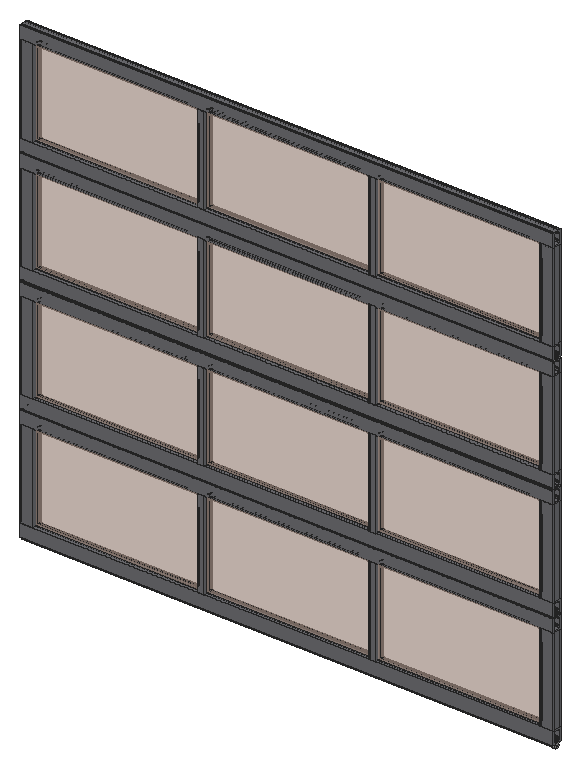
Revit family "GAS 12PUE CG", category Doors, host Wall, Revit 2024 (continued)
Forms (mm)
  Sweep 21, solid, material "ALUMINIUM CHAR (TEST)"
    profile origin (803.346, -68.525, 493) x (0, 0, -1) y (0, -1, 0)
      loop
        arc (-2.384, 57.368) -> (-2.167, 56.551) -> (-1.4, 56.192) r 1
        line (-1.4, 56.192) -> (-0.833, 56.892) -> (0, 56.892) -> (0, 54.893)
        arc (0, 54.893) -> (0.333, 54.559) -> (0.788, 54.681) r 0.471
        line (0.788, 54.681) -> (14.998, 68.891)
  Sweep 22, solid, material "ALUMINIUM CHAR (TEST)"
    path origin (-866.885, -68.525, 132.939) x (-1, 0, 0) y (0, 0, -1)
      loop
        line (323.108, -360.061) -> (323.108, 53.031) -> (-450.185, 53.031) -> (-450.185, -360.061) -> (323.108, -360.061)
    profile origin (-803.346, -68.525, 493) x (0, 0, 1) y (0, -1, 0)
      loop
        line (-14.998, 68.891) -> (-0.788, 54.681)
        arc (-0.788, 54.681) -> (-0.333, 54.559) -> (0, 54.893) r 0.471
        line (0, 54.893) -> (0, 56.892) -> (0.833, 56.892) -> (1.4, 56.192)
        arc (1.4, 56.192) -> (2.167, 56.551) -> (2.384, 57.368) r 1
        arc (2.384, 57.368) -> (2.295, 57.799) -> (1.9, 57.992) r 0.5
        line (1.9, 57.992) -> (-0.6, 57.992)
        arc (-0.6, 57.992) -> (-0.953, 57.846) -> (-1.1, 57.492) r 0.5
        line (-1.1, 57.492) -> (-1.1, 56.548) -> (-9.421, 64.869) -> (-6.899, 67.391) -> (-6.899, 68.791) -> (1.6, 68.791)
        arc (1.6, 68.791) -> (2.165, 69.025) -> (2.4, 69.591) r 0.8
        line (2.4, 69.591) -> (2.4, 72.391)
        arc (2.4, 72.391) -> (1.9, 72.891) -> (1.4, 72.391) r 0.5
        line (1.4, 72.391) -> (1.4, 69.891) -> (-8.299, 69.891)
        arc (-8.299, 69.891) -> (-8.699, 69.491) -> (-8.299, 69.091) r 0.4
        line (-8.299, 69.091) -> (-7.999, 67.847) -> (-10.199, 65.647) -> (-12.521, 67.969) -> (-11.399, 69.091)
        arc (-11.399, 69.091) -> (-10.902, 69.429) -> (-11.286, 69.891) r 0.406
        line (-11.286, 69.891) -> (-12.154, 69.891) -> (-12.991, 69.054) -> (-13.799, 69.054) -> (-13.799, 69.891) -> (-14.998, 69.891) -> (-14.998, 68.891)
  Sweep 23, solid, material "ALUMINIUM CHAR (TEST)"
    path origin (63.499, -68.525, 132.939) x (1, 0, 0) y (0, 0, 1)
      loop
        line (323.201, 360.061) -> (-450.199, 360.061) -> (-450.199, -52.939) -> (323.201, -52.939) -> (323.201, 360.061)
    profile origin (0, -68.525, 493) x (0, 0, -1) y (0, -1, 0)
      loop
        line (14.998, 68.891) -> (14.998, 69.891) -> (13.799, 69.891) -> (13.799, 69.054) -> (12.991, 69.054) -> (12.154, 69.891) -> (11.286, 69.891)
        arc (11.286, 69.891) -> (10.902, 69.429) -> (11.399, 69.091) r 0.406
        line (11.399, 69.091) -> (12.521, 67.969) -> (10.199, 65.647) -> (7.999, 67.847) -> (8.299, 69.091)
        arc (8.299, 69.091) -> (8.699, 69.491) -> (8.299, 69.891) r 0.4
        line (8.299, 69.891) -> (-1.4, 69.891) -> (-1.4, 72.391)
        arc (-1.4, 72.391) -> (-1.9, 72.891) -> (-2.4, 72.391) r 0.5
        line (-2.4, 72.391) -> (-2.4, 69.591)
        arc (-2.4, 69.591) -> (-2.165, 69.025) -> (-1.6, 68.791) r 0.8
        line (-1.6, 68.791) -> (6.899, 68.791) -> (6.899, 67.391) -> (9.421, 64.869) -> (1.1, 56.548) -> (1.1, 57.492)
        arc (1.1, 57.492) -> (0.953, 57.846) -> (0.6, 57.992) r 0.5
        line (0.6, 57.992) -> (-1.9, 57.992)
        arc (-1.9, 57.992) -> (-2.295, 57.799) -> (-2.384, 57.368) r 0.5
        arc (-2.384, 57.368) -> (-2.167, 56.551) -> (-1.4, 56.192) r 1
        line (-1.4, 56.192) -> (-0.833, 56.892) -> (0, 56.892) -> (0, 54.893)
        arc (0, 54.893) -> (0.333, 54.559) -> (0.788, 54.681) r 0.471
        line (0.788, 54.681) -> (14.998, 68.891)
  Extrusion 24, solid, material "FROSTED BRONZE GLASS"
    sketch origin (-335.5, -147.287, -431.546) x (0, 1, 0) y (0, 0, -1)
      loop
        line (8.871, -2002.546) -> (8.871, -1589.546) -> (2.871, -1589.546) -> (2.871, -2002.546) -> (8.871, -2002.546)
    from 81.2 to 854.5
  Extrusion 25, solid, material "FROSTED BRONZE GLASS"
    sketch origin (335.5, -147.287, -431.546) x (0, 1, 0) y (0, 0, 1)
      loop
        line (8.871, 2002.546) -> (2.871, 2002.546) -> (2.871, 1589.546) -> (8.871, 1589.546) -> (8.871, 2002.546)
    from 81.2 to 854.5
  Extrusion 26, solid, material "FROSTED BRONZE GLASS"
    sketch origin (-467.893, -147.287, -431.546) x (0, 1, 0) y (0, 0, 1)
      loop
        line (8.871, 2002.546) -> (2.871, 2002.546) -> (2.871, 1589.546) -> (8.871, 1589.546) -> (8.871, 2002.546)
    from 81.2 to 854.5
  Extrusion 27, solid, material "FROSTED BRONZE GLASS"
    sketch origin (-335.5, -147.287, -970.546) x (0, 1, 0) y (0, 0, -1)
      loop
        line (8.871, -2002.546) -> (8.871, -1589.546) -> (2.871, -1589.546) -> (2.871, -2002.546) -> (8.871, -2002.546)
    from 81.2 to 854.5
  Extrusion 28, solid, material "FROSTED BRONZE GLASS"
    sketch origin (335.5, -147.287, -970.546) x (0, 1, 0) y (0, 0, 1)
      loop
        line (8.871, 2002.546) -> (2.871, 2002.546) -> (2.871, 1589.546) -> (8.871, 1589.546) -> (8.871, 2002.546)
    from 81.2 to 854.5
  Extrusion 29, solid, material "FROSTED BRONZE GLASS"
    sketch origin (-467.893, -147.287, -970.546) x (0, 1, 0) y (0, 0, 1)
      loop
        line (8.871, 2002.546) -> (2.871, 2002.546) -> (2.871, 1589.546) -> (8.871, 1589.546) -> (8.871, 2002.546)
    from 81.2 to 854.5
  Extrusion 30, solid, material "FROSTED BRONZE GLASS"
    sketch origin (-335.5, -147.287, -1509.546) x (0, 1, 0) y (0, 0, -1)
      loop
        line (8.871, -2002.546) -> (8.871, -1589.546) -> (2.871, -1589.546) -> (2.871, -2002.546) -> (8.871, -2002.546)
    from 81.2 to 854.5
  Extrusion 31, solid, material "FROSTED BRONZE GLASS"
    sketch origin (335.5, -147.287, -1509.546) x (0, 1, 0) y (0, 0, 1)
      loop
        line (8.871, 2002.546) -> (2.871, 2002.546) -> (2.871, 1589.546) -> (8.871, 1589.546) -> (8.871, 2002.546)
    from 81.2 to 854.5
  Extrusion 32, solid, material "FROSTED BRONZE GLASS"
    sketch origin (-467.893, -147.287, -1509.546) x (0, 1, 0) y (0, 0, 1)
      loop
        line (8.871, 2002.546) -> (2.871, 2002.546) -> (2.871, 1589.546) -> (8.871, 1589.546) -> (8.871, 2002.546)
    from 81.2 to 854.5
Lines and regions (mm)
  Opening 1
    outline origin (-5000, 75, 0) x (-1, 0, 0) y (0, 0, 1)
      loop
        line (-3780, 0) -> (-3780, 2135) -> (-6220, 2135) -> (-6220, 0) -> (-3780, 0)
  symbolic lines, style "Elevation Swing"
    curve 1: line (-1250, -105, 1694) -> (-1250, -2275, 1694)
    curve 2: line (-1250, -2275, 1694) -> (1250, -2275, 1694)
    curve 3: line (1250, -2275, 1694) -> (1250, -105, 1694)
Text (mm)
  text "Exterior" at (-2295.016, 1099.543, 0), in view "Ref. Level"
  text "Exterior" at (0, 1615.38, 3698.081), in view "Left"
  text "Exterior" at (0, 1036.032, 3874.932), in view "Right"
Dimensions and locks
  equal spacing: plane 3 "Left", plane 2 "Center (Left/Right)", plane 4 "Right"
  "Width": plane 3 "Left" to plane 4 "Right"
  "Height": plane 5 to host wall
  locked: plane 6 "Exterior" to host wall
  locked: plane 7 "Interior" to host wall
  "Wall Opening": plane 3 "Left" to plane 4 "Right"
  plane 10 "Garage Right" to plane 9 "Garage Left" = 2500 mm
  level to plane 11 "Garage Top" = 2170 mm
  plane 11 "Garage Top" to level = 2170 mm
  aligned and locked: host wall to plane 1
  aligned and locked: Opening 1 sketch curve to level
Automatic sketch dimensions
  curve 1 to plane 10 "Garage Right" = 0 mm
  curve 3 to plane 9 "Garage Left" = 0 mm
  curve 1 to plane 12 = 2160 mm
  plane 12 to curve 3 = 10 mm
  plane 12 to curve 1 = 10 mm
  plane 4 "Right" to Opening 1 sketch curve = 0 mm
  plane 3 "Left" to Opening 1 sketch curve = 0 mm
  Opening 1 sketch curve to plane 5 = 0 mm
  plane 11 "Garage Top" to Extrusion 1 sketch curve = 0 mm  (x3)
  Extrusion 1 sketch curve to plane 12 = 0.1 mm  (x2)
  Extrusion 1 sketch curve to plane 12 = 1.85 mm  (x6)
  Extrusion 1 sketch curve to Extrusion 1 sketch curve = 0.05 mm  (x2)
  Extrusion 1 sketch curve to Extrusion 1 sketch curve = 0.55 mm  (x10)
  Extrusion 1 sketch curve to Extrusion 1 sketch curve = 2.1 mm  (x4)
  Extrusion 1 sketch curve to Extrusion 1 sketch curve = 4.95 mm  (x2)
  plane 11 "Garage Top" to Extrusion 1 sketch curve = 1.8 mm  (x4)
  Extrusion 1 sketch curve to Extrusion 1 sketch curve = 4 mm  (x4)
  Extrusion 1 sketch curve to Extrusion 1 sketch curve = 1.8 mm  (x15)
  Extrusion 1 sketch curve to Extrusion 1 sketch curve = 2 mm  (x9)
  Extrusion 1 sketch curve to Extrusion 1 sketch curve = 1.5 mm  (x2)
  Extrusion 1 sketch curve to Extrusion 1 sketch curve = 14 mm  (x2)
  Extrusion 1 sketch curve to Extrusion 1 sketch curve = 2.75 mm  (x2)
  Extrusion 1 sketch curve to Extrusion 1 sketch curve = 20.6 mm  (x2)
  Extrusion 1 sketch curve to Extrusion 1 sketch curve = 1.6 mm  (x6)
  plane 11 "Garage Top" to Extrusion 1 sketch curve = 13.5 mm
  plane 5 to Extrusion 1 sketch curve = 11.7 mm
  Extrusion 1 sketch curve to Extrusion 1 sketch curve = 13.15 mm  (x2)
  plane 11 "Garage Top" to Extrusion 1 sketch curve = 12.547 mm
  plane 11 "Garage Top" to Extrusion 1 sketch curve = 17.453 mm
  Extrusion 1 sketch curve to Extrusion 1 sketch curve = 1.75 mm  (x2)
  Extrusion 1 sketch curve to Extrusion 1 sketch curve = 0 mm  (x4)
  Extrusion 1 sketch curve to Extrusion 1 sketch curve = 7.147 mm  (x3)
  Extrusion 1 sketch curve to Extrusion 1 sketch curve = 0.953 mm  (x15)
  Extrusion 1 sketch curve to Extrusion 1 sketch curve = 3 mm  (x6)
  Extrusion 1 sketch curve to Extrusion 1 sketch curve = 3.953 mm
  plane 5 to Extrusion 1 sketch curve = 7.747 mm
  Extrusion 1 sketch curve to Extrusion 1 sketch curve = 7.947 mm  (x2)
  Extrusion 1 sketch curve to Extrusion 1 sketch curve = 0.8 mm
  Extrusion 1 sketch curve to Extrusion 1 sketch curve = 2.6 mm
  Extrusion 1 sketch curve to Extrusion 1 sketch curve = 1.205 mm
  Extrusion 1 sketch curve to Extrusion 1 sketch curve = 1.293 mm  (x2)
  Extrusion 1 sketch curve to Extrusion 1 sketch curve = 0.241 mm  (x2)
  Extrusion 1 sketch curve to Extrusion 1 sketch curve = 0.402 mm  (x2)
  Extrusion 1 sketch curve to Extrusion 1 sketch curve = 0.993 mm  (x2)
  level to Extrusion 1 sketch curve = 79.909 mm
  Extrusion 1 sketch curve to Extrusion 1 sketch curve = 1.066 mm
  Extrusion 1 sketch curve to Extrusion 1 sketch curve = 0.405 mm
  Extrusion 1 sketch curve to Extrusion 1 sketch curve = 10.547 mm
  Extrusion 1 sketch curve to Extrusion 1 sketch curve = 25.295 mm  (x2)
  Extrusion 2 sketch curve to plane 12 = 0.1 mm  (x6)
  Extrusion 2 sketch curve to plane 12 = 1.85 mm  (x18)
  Extrusion 2 sketch curve to Extrusion 2 sketch curve = 0.05 mm  (x7)
  Extrusion 2 sketch curve to plane 12 = 1.9 mm  (x3)
  Extrusion 2 sketch curve to Extrusion 2 sketch curve = 0.55 mm  (x26)
  Extrusion 2 sketch curve to Extrusion 2 sketch curve = 2.1 mm  (x12)
  Extrusion 2 sketch curve to Extrusion 2 sketch curve = 4.95 mm  (x6)
  Extrusion 2 sketch curve to Extrusion 2 sketch curve = 4 mm  (x12)
  Extrusion 2 sketch curve to Extrusion 2 sketch curve = 1.8 mm  (x58)
  Extrusion 2 sketch curve to Extrusion 2 sketch curve = 2 mm  (x29)
  Extrusion 2 sketch curve to Extrusion 2 sketch curve = 1.5 mm  (x6)
  Extrusion 2 sketch curve to Extrusion 2 sketch curve = 14 mm  (x6)
  Extrusion 2 sketch curve to Extrusion 2 sketch curve = 2.75 mm  (x6)
  Extrusion 2 sketch curve to Extrusion 2 sketch curve = 20.6 mm  (x3)
  Extrusion 2 sketch curve to Extrusion 2 sketch curve = 0 mm  (x19)
  Extrusion 2 sketch curve to Extrusion 2 sketch curve = 13.15 mm  (x6)
  Extrusion 2 sketch curve to Extrusion 2 sketch curve = 9.4 mm  (x3)
  Extrusion 2 sketch curve to Extrusion 2 sketch curve = 1.6 mm  (x15)
  Extrusion 2 sketch curve to Extrusion 2 sketch curve = 1.75 mm
  plane 5 to Extrusion 2 sketch curve = 438 mm
  Extrusion 2 sketch curve to Extrusion 2 sketch curve = 0.993 mm  (x6)
  Extrusion 2 sketch curve to Extrusion 2 sketch curve = 1.066 mm  (x4)
  Extrusion 2 sketch curve to Extrusion 2 sketch curve = 0.241 mm  (x6)
  Extrusion 2 sketch curve to Extrusion 2 sketch curve = 0.402 mm  (x6)
  Extrusion 2 sketch curve to Extrusion 2 sketch curve = 0.493 mm  (x3)
  Extrusion 2 sketch curve to Extrusion 2 sketch curve = 1.205 mm  (x4)
  Extrusion 2 sketch curve to Extrusion 2 sketch curve = 7.947 mm  (x6)
  Extrusion 2 sketch curve to Extrusion 2 sketch curve = 10.547 mm  (x6)
  Extrusion 2 sketch curve to Extrusion 2 sketch curve = 0.953 mm  (x48)
  Extrusion 2 sketch curve to Extrusion 2 sketch curve = 3 mm  (x24)
  Extrusion 2 sketch curve to Extrusion 2 sketch curve = 25.295 mm  (x12)
  Extrusion 2 sketch curve to Extrusion 2 sketch curve = 7.147 mm  (x12)
  Extrusion 2 sketch curve to Extrusion 2 sketch curve = 6 mm  (x6)
  Extrusion 2 sketch curve to Extrusion 2 sketch curve = 0.8 mm  (x3)
  Extrusion 2 sketch curve to Extrusion 2 sketch curve = 1.293 mm  (x5)
  Extrusion 2 sketch curve to Extrusion 2 sketch curve = 413 mm  (x2)
  Extrusion 3 sketch curve to level = 0 mm
  Extrusion 3 sketch curve to plane 12 = 32.1 mm
  Extrusion 3 sketch curve to Extrusion 3 sketch curve = 5 mm  (x2)
  Extrusion 3 sketch curve to Extrusion 3 sketch curve = 2 mm  (x2)
  level to Extrusion 3 sketch curve = 2.881 mm
  Extrusion 3 sketch curve to Extrusion 3 sketch curve = 3 mm  (x2)
  Extrusion 3 sketch curve to Extrusion 3 sketch curve = 6 mm
  Extrusion 3 sketch curve to Extrusion 3 sketch curve = 11.123 mm
  Extrusion 3 sketch curve to Extrusion 3 sketch curve = 0 mm  (x4)
  Extrusion 3 sketch curve to Extrusion 3 sketch curve = 0.629 mm
  Extrusion 3 sketch curve to Extrusion 3 sketch curve = 2.276 mm
  Extrusion 3 sketch curve to Extrusion 3 sketch curve = 2.905 mm
  Extrusion 3 sketch curve to Extrusion 3 sketch curve = 1.368 mm
  Extrusion 3 sketch curve to Extrusion 3 sketch curve = 4.624 mm
  Extrusion 4 sketch curve to plane 12 = 41.25 mm  (x3)
  Extrusion 4 sketch curve to Extrusion 4 sketch curve = 0 mm  (x27)
  Extrusion 4 sketch curve to Extrusion 4 sketch curve = 2.5 mm  (x24)
  Extrusion 4 sketch curve to Extrusion 4 sketch curve = 1 mm  (x24)
  Extrusion 4 sketch curve to plane 12 = 8.95 mm  (x6)
  level to Extrusion 4 sketch curve = 549.846 mm
  Extrusion 4 sketch curve to Extrusion 4 sketch curve = 2.027 mm  (x15)
  Extrusion 4 sketch curve to Extrusion 4 sketch curve = 6.253 mm  (x6)
  Extrusion 4 sketch curve to Extrusion 4 sketch curve = 526.693 mm
  plane 5 to Extrusion 4 sketch curve = 507.154 mm
  Extrusion 4 sketch curve to Extrusion 4 sketch curve = 2.489 mm  (x12)
  Extrusion 4 sketch curve to Extrusion 4 sketch curve = 1.503 mm  (x12)
  Extrusion 5 sketch curve to plane 10 "Garage Right" = 0 mm  (x3)
  Extrusion 5 sketch curve to plane 9 "Garage Left" = 0 mm  (x3)
  plane 10 "Garage Right" to Extrusion 5 sketch curve = 1.8 mm  (x4)
  Extrusion 5 sketch curve to Extrusion 5 sketch curve = 0 mm  (x5)
  Extrusion 5 sketch curve to Extrusion 5 sketch curve = 2 mm  (x6)
  Extrusion 5 sketch curve to Extrusion 5 sketch curve = 1.6 mm  (x4)
  Extrusion 5 sketch curve to plane 12 = 1.85 mm  (x8)
  Extrusion 5 sketch curve to Extrusion 5 sketch curve = 7.147 mm  (x2)
  Extrusion 5 sketch curve to plane 12 = 2.4 mm  (x2)
  Extrusion 5 sketch curve to Extrusion 5 sketch curve = 0.953 mm  (x16)
  Extrusion 5 sketch curve to Extrusion 5 sketch curve = 3 mm  (x8)
  Extrusion 5 sketch curve to plane 3 "Left" = 12.747 mm  (x2)
  Extrusion 5 sketch curve to Extrusion 5 sketch curve = 7.947 mm  (x2)
  Extrusion 5 sketch curve to Extrusion 5 sketch curve = 1.8 mm  (x30)
  Extrusion 5 sketch curve to Extrusion 5 sketch curve = 10.547 mm  (x2)
  Extrusion 5 sketch curve to Extrusion 5 sketch curve = 0.8 mm  (x2)
  Extrusion 5 sketch curve to plane 12 = 8.6 mm  (x6)
  Extrusion 5 sketch curve to Extrusion 5 sketch curve = 1.205 mm  (x4)
  Extrusion 5 sketch curve to Extrusion 5 sketch curve = 1.293 mm  (x5)
  Extrusion 5 sketch curve to Extrusion 5 sketch curve = 0.241 mm  (x6)
  Extrusion 5 sketch curve to Extrusion 5 sketch curve = 0.402 mm  (x6)
  Extrusion 5 sketch curve to Extrusion 5 sketch curve = 0.993 mm  (x5)
  Extrusion 5 sketch curve to plane 12 = 24.1 mm  (x2)
  Extrusion 5 sketch curve to plane 2 "Center (Left/Right)" = 416.7 mm
  Extrusion 5 sketch curve to Extrusion 5 sketch curve = 1.066 mm  (x4)
  Extrusion 5 sketch curve to Extrusion 5 sketch curve = 21.2 mm  (x2)
  Extrusion 5 sketch curve to Extrusion 5 sketch curve = 2.6 mm  (x3)
  Extrusion 5 sketch curve to plane 12 = 10.1 mm  (x2)
  plane 2 "Center (Left/Right)" to Extrusion 5 sketch curve = 386.7 mm
  Extrusion 5 sketch curve to Extrusion 5 sketch curve = 0.493 mm
  Extrusion 5 sketch curve to plane 12 = 26.85 mm
  Extrusion 5 sketch curve to plane 12 = 0.1 mm  (x4)
  plane 4 "Right" to Extrusion 5 sketch curve = 30 mm
  Extrusion 5 sketch curve to plane 4 "Right" = 12.547 mm  (x2)
  plane 9 "Garage Left" to Extrusion 5 sketch curve = 5.4 mm  (x2)
  plane 9 "Garage Left" to Extrusion 5 sketch curve = 1.8 mm  (x4)
  Extrusion 5 sketch curve to Extrusion 5 sketch curve = 18.25 mm
  Extrusion 5 sketch curve to Extrusion 5 sketch curve = 20.05 mm
  Extrusion 5 sketch curve to Extrusion 5 sketch curve = 18.55 mm  (x2)
  Extrusion 5 sketch curve to Extrusion 5 sketch curve = 4.55 mm
  Extrusion 5 sketch curve to Extrusion 5 sketch curve = 30.55 mm  (x2)
  Extrusion 5 sketch curve to Extrusion 5 sketch curve = 4 mm  (x4)
  Extrusion 5 sketch curve to Extrusion 5 sketch curve = 13.15 mm  (x2)
  Extrusion 5 sketch curve to Extrusion 5 sketch curve = 9.4 mm  (x2)
  Extrusion 5 sketch curve to Extrusion 5 sketch curve = 2.1 mm  (x2)
  Extrusion 5 sketch curve to Extrusion 5 sketch curve = 0.55 mm  (x7)
  Extrusion 5 sketch curve to Extrusion 5 sketch curve = 0.05 mm
  Extrusion 5 sketch curve to Extrusion 5 sketch curve = 13.7 mm  (x2)
  Extrusion 5 sketch curve to Extrusion 5 sketch curve = 1.75 mm  (x4)
  Extrusion 5 sketch curve to Extrusion 5 sketch curve = 2.75 mm  (x4)
  Extrusion 5 sketch curve to Extrusion 5 sketch curve = 9.95 mm  (x2)
  Extrusion 5 sketch curve to Extrusion 5 sketch curve = 1.5 mm  (x4)
  Extrusion 5 sketch curve to plane 12 = 1.9 mm  (x2)
  Extrusion 6 sketch curve to plane 10 "Garage Right" = 0 mm  (x3)
  Extrusion 6 sketch curve to plane 9 "Garage Left" = 0 mm  (x3)
  plane 10 "Garage Right" to Extrusion 6 sketch curve = 1.8 mm  (x2)
  Extrusion 6 sketch curve to Extrusion 6 sketch curve = 1.8 mm  (x31)
  Extrusion 6 sketch curve to Extrusion 6 sketch curve = 0 mm  (x5)
  Extrusion 6 sketch curve to Extrusion 6 sketch curve = 2 mm  (x6)
  Extrusion 6 sketch curve to Extrusion 6 sketch curve = 1.6 mm  (x4)
  Extrusion 6 sketch curve to plane 12 = 1.85 mm  (x8)
  Extrusion 6 sketch curve to Extrusion 6 sketch curve = 7.147 mm  (x2)
  Extrusion 6 sketch curve to plane 12 = 2.4 mm  (x3)
  Extrusion 6 sketch curve to Extrusion 6 sketch curve = 0.953 mm  (x16)
  Extrusion 6 sketch curve to Extrusion 6 sketch curve = 3 mm  (x8)
  Extrusion 6 sketch curve to plane 3 "Left" = 12.747 mm  (x2)
  Extrusion 6 sketch curve to Extrusion 6 sketch curve = 7.947 mm  (x2)
  Extrusion 6 sketch curve to Extrusion 6 sketch curve = 10.547 mm  (x2)
  Extrusion 6 sketch curve to Extrusion 6 sketch curve = 0.8 mm  (x3)
  Extrusion 6 sketch curve to plane 12 = 8.6 mm  (x5)
  Extrusion 6 sketch curve to Extrusion 6 sketch curve = 1.205 mm  (x5)
  Extrusion 6 sketch curve to Extrusion 6 sketch curve = 1.293 mm  (x4)
  Extrusion 6 sketch curve to Extrusion 6 sketch curve = 0.241 mm  (x6)
  Extrusion 6 sketch curve to Extrusion 6 sketch curve = 0.402 mm  (x6)
  Extrusion 6 sketch curve to Extrusion 6 sketch curve = 0.993 mm  (x5)
  Extrusion 6 sketch curve to plane 12 = 24.1 mm  (x4)
  Extrusion 6 sketch curve to plane 2 "Center (Left/Right)" = 416.7 mm
  Extrusion 6 sketch curve to plane 12 = 0.1 mm  (x4)
  Extrusion 6 sketch curve to Extrusion 6 sketch curve = 1.066 mm  (x3)
  Extrusion 6 sketch curve to plane 12 = 26.85 mm  (x2)
  Extrusion 6 sketch curve to plane 12 = 6.8 mm
  Extrusion 6 sketch curve to Extrusion 6 sketch curve = 21.2 mm  (x2)
  Extrusion 6 sketch curve to Extrusion 6 sketch curve = 2.6 mm  (x2)
  Extrusion 6 sketch curve to plane 12 = 10.1 mm  (x3)
  plane 2 "Center (Left/Right)" to Extrusion 6 sketch curve = 386.7 mm
  Extrusion 6 sketch curve to Extrusion 6 sketch curve = 0.405 mm
  Extrusion 6 sketch curve to Extrusion 6 sketch curve = 0.493 mm  (x2)
  plane 4 "Right" to Extrusion 6 sketch curve = 30 mm
  Extrusion 6 sketch curve to plane 4 "Right" = 12.547 mm  (x2)
  plane 9 "Garage Left" to Extrusion 6 sketch curve = 5.4 mm  (x2)
  plane 9 "Garage Left" to Extrusion 6 sketch curve = 1.8 mm  (x4)
  Extrusion 6 sketch curve to Extrusion 6 sketch curve = 16.75 mm
  Extrusion 6 sketch curve to Extrusion 6 sketch curve = 20.05 mm
  Extrusion 6 sketch curve to Extrusion 6 sketch curve = 4.55 mm  (x2)
  Extrusion 6 sketch curve to Extrusion 6 sketch curve = 30.55 mm  (x2)
  Extrusion 6 sketch curve to Extrusion 6 sketch curve = 4 mm  (x4)
  Extrusion 6 sketch curve to Extrusion 6 sketch curve = 13.15 mm  (x2)
  Extrusion 6 sketch curve to Extrusion 6 sketch curve = 9.4 mm  (x2)
  Extrusion 6 sketch curve to Extrusion 6 sketch curve = 2.1 mm  (x2)
  Extrusion 6 sketch curve to Extrusion 6 sketch curve = 0.55 mm  (x6)
  Extrusion 6 sketch curve to Extrusion 6 sketch curve = 0.05 mm
  Extrusion 6 sketch curve to Extrusion 6 sketch curve = 13.7 mm  (x2)
  Extrusion 6 sketch curve to Extrusion 6 sketch curve = 1.75 mm  (x4)
  Extrusion 6 sketch curve to Extrusion 6 sketch curve = 2.75 mm  (x2)
  Extrusion 6 sketch curve to Extrusion 6 sketch curve = 9.95 mm  (x2)
  Extrusion 6 sketch curve to Extrusion 6 sketch curve = 1.5 mm  (x3)
  Extrusion 6 sketch curve to plane 12 = 1.9 mm  (x2)
  Extrusion 7 sketch curve to plane 10 "Garage Right" = 0 mm  (x3)
  Extrusion 7 sketch curve to plane 9 "Garage Left" = 0 mm  (x3)
  plane 10 "Garage Right" to Extrusion 7 sketch curve = 1.8 mm  (x2)
  Extrusion 7 sketch curve to Extrusion 7 sketch curve = 1.8 mm  (x31)
  Extrusion 7 sketch curve to Extrusion 7 sketch curve = 0 mm  (x5)
  Extrusion 7 sketch curve to Extrusion 7 sketch curve = 2 mm  (x6)
  Extrusion 7 sketch curve to Extrusion 7 sketch curve = 1.6 mm  (x4)
  Extrusion 7 sketch curve to plane 12 = 1.85 mm  (x8)
  Extrusion 7 sketch curve to Extrusion 7 sketch curve = 7.147 mm  (x2)
  Extrusion 7 sketch curve to plane 12 = 2.4 mm  (x3)
  Extrusion 7 sketch curve to Extrusion 7 sketch curve = 0.953 mm  (x16)
  Extrusion 7 sketch curve to Extrusion 7 sketch curve = 3 mm  (x8)
  Extrusion 7 sketch curve to plane 3 "Left" = 12.747 mm  (x2)
  Extrusion 7 sketch curve to Extrusion 7 sketch curve = 7.947 mm  (x2)
  Extrusion 7 sketch curve to Extrusion 7 sketch curve = 10.547 mm  (x2)
  Extrusion 7 sketch curve to Extrusion 7 sketch curve = 0.8 mm  (x3)
  Extrusion 7 sketch curve to plane 12 = 8.6 mm  (x5)
  Extrusion 7 sketch curve to Extrusion 7 sketch curve = 1.205 mm  (x5)
  Extrusion 7 sketch curve to Extrusion 7 sketch curve = 1.293 mm  (x4)
  Extrusion 7 sketch curve to Extrusion 7 sketch curve = 0.241 mm  (x6)
  Extrusion 7 sketch curve to Extrusion 7 sketch curve = 0.402 mm  (x6)
  Extrusion 7 sketch curve to Extrusion 7 sketch curve = 0.993 mm  (x5)
  Extrusion 7 sketch curve to plane 12 = 24.1 mm  (x4)
  Extrusion 7 sketch curve to plane 2 "Center (Left/Right)" = 416.7 mm
  Extrusion 7 sketch curve to plane 12 = 0.1 mm  (x4)
  Extrusion 7 sketch curve to Extrusion 7 sketch curve = 1.066 mm  (x3)
  Extrusion 7 sketch curve to plane 12 = 26.85 mm  (x2)
  Extrusion 7 sketch curve to plane 12 = 6.8 mm
  Extrusion 7 sketch curve to Extrusion 7 sketch curve = 21.2 mm  (x2)
  Extrusion 7 sketch curve to Extrusion 7 sketch curve = 2.6 mm  (x2)
  Extrusion 7 sketch curve to plane 12 = 10.1 mm  (x3)
  plane 2 "Center (Left/Right)" to Extrusion 7 sketch curve = 386.7 mm
  Extrusion 7 sketch curve to Extrusion 7 sketch curve = 0.405 mm
  Extrusion 7 sketch curve to Extrusion 7 sketch curve = 0.493 mm  (x2)
  plane 4 "Right" to Extrusion 7 sketch curve = 30 mm
  Extrusion 7 sketch curve to plane 4 "Right" = 12.547 mm  (x2)
  plane 9 "Garage Left" to Extrusion 7 sketch curve = 5.4 mm  (x2)
  plane 9 "Garage Left" to Extrusion 7 sketch curve = 1.8 mm  (x4)
  Extrusion 7 sketch curve to Extrusion 7 sketch curve = 16.75 mm
  Extrusion 7 sketch curve to Extrusion 7 sketch curve = 20.05 mm
  Extrusion 7 sketch curve to Extrusion 7 sketch curve = 4.55 mm  (x2)
  Extrusion 7 sketch curve to Extrusion 7 sketch curve = 30.55 mm  (x2)
  Extrusion 7 sketch curve to Extrusion 7 sketch curve = 4 mm  (x4)
  Extrusion 7 sketch curve to Extrusion 7 sketch curve = 13.15 mm  (x2)
  Extrusion 7 sketch curve to Extrusion 7 sketch curve = 9.4 mm  (x2)
  Extrusion 7 sketch curve to Extrusion 7 sketch curve = 2.1 mm  (x2)
  Extrusion 7 sketch curve to Extrusion 7 sketch curve = 0.55 mm  (x6)
  Extrusion 7 sketch curve to Extrusion 7 sketch curve = 0.05 mm
  Extrusion 7 sketch curve to Extrusion 7 sketch curve = 13.7 mm  (x2)
  Extrusion 7 sketch curve to Extrusion 7 sketch curve = 1.75 mm  (x4)
  Extrusion 7 sketch curve to Extrusion 7 sketch curve = 2.75 mm  (x2)
  Extrusion 7 sketch curve to Extrusion 7 sketch curve = 9.95 mm  (x2)
  Extrusion 7 sketch curve to Extrusion 7 sketch curve = 1.5 mm  (x3)
  Extrusion 7 sketch curve to plane 12 = 1.9 mm  (x2)
  Extrusion 8 sketch curve to plane 10 "Garage Right" = 0 mm  (x3)
  Extrusion 8 sketch curve to plane 9 "Garage Left" = 0 mm  (x3)
  plane 10 "Garage Right" to Extrusion 8 sketch curve = 1.8 mm  (x4)
  Extrusion 8 sketch curve to Extrusion 8 sketch curve = 0 mm  (x5)
  Extrusion 8 sketch curve to Extrusion 8 sketch curve = 2 mm  (x6)
  Extrusion 8 sketch curve to Extrusion 8 sketch curve = 1.6 mm  (x4)
  Extrusion 8 sketch curve to plane 12 = 1.85 mm  (x8)
  Extrusion 8 sketch curve to Extrusion 8 sketch curve = 7.147 mm  (x2)
  Extrusion 8 sketch curve to plane 12 = 2.4 mm  (x3)
  Extrusion 8 sketch curve to Extrusion 8 sketch curve = 0.953 mm  (x16)
  Extrusion 8 sketch curve to Extrusion 8 sketch curve = 3 mm  (x8)
  Extrusion 8 sketch curve to plane 3 "Left" = 12.747 mm  (x2)
  Extrusion 8 sketch curve to Extrusion 8 sketch curve = 7.947 mm  (x2)
  Extrusion 8 sketch curve to Extrusion 8 sketch curve = 1.8 mm  (x29)
  Extrusion 8 sketch curve to Extrusion 8 sketch curve = 10.547 mm  (x2)
  Extrusion 8 sketch curve to Extrusion 8 sketch curve = 0.8 mm  (x3)
  Extrusion 8 sketch curve to plane 12 = 8.6 mm  (x5)
  Extrusion 8 sketch curve to Extrusion 8 sketch curve = 1.205 mm  (x5)
  Extrusion 8 sketch curve to Extrusion 8 sketch curve = 1.293 mm  (x4)
  Extrusion 8 sketch curve to Extrusion 8 sketch curve = 0.241 mm  (x6)
  Extrusion 8 sketch curve to Extrusion 8 sketch curve = 0.402 mm  (x6)
  Extrusion 8 sketch curve to Extrusion 8 sketch curve = 0.993 mm  (x5)
  Extrusion 8 sketch curve to plane 12 = 24.1 mm  (x4)
  Extrusion 8 sketch curve to plane 2 "Center (Left/Right)" = 416.7 mm
  Extrusion 8 sketch curve to plane 12 = 0.1 mm  (x4)
  Extrusion 8 sketch curve to Extrusion 8 sketch curve = 1.066 mm  (x3)
  Extrusion 8 sketch curve to plane 12 = 26.85 mm  (x2)
  Extrusion 8 sketch curve to plane 12 = 6.8 mm
  Extrusion 8 sketch curve to Extrusion 8 sketch curve = 21.2 mm  (x2)
  Extrusion 8 sketch curve to Extrusion 8 sketch curve = 2.6 mm  (x2)
  Extrusion 8 sketch curve to plane 12 = 10.1 mm  (x3)
  plane 2 "Center (Left/Right)" to Extrusion 8 sketch curve = 386.7 mm
  Extrusion 8 sketch curve to Extrusion 8 sketch curve = 0.405 mm
  Extrusion 8 sketch curve to Extrusion 8 sketch curve = 0.493 mm  (x2)
  plane 4 "Right" to Extrusion 8 sketch curve = 30 mm
  Extrusion 8 sketch curve to plane 4 "Right" = 12.547 mm  (x2)
  plane 9 "Garage Left" to Extrusion 8 sketch curve = 5.4 mm  (x2)
  plane 9 "Garage Left" to Extrusion 8 sketch curve = 1.8 mm  (x4)
  Extrusion 8 sketch curve to Extrusion 8 sketch curve = 16.75 mm
  Extrusion 8 sketch curve to Extrusion 8 sketch curve = 20.05 mm
  Extrusion 8 sketch curve to Extrusion 8 sketch curve = 4.55 mm  (x2)
  Extrusion 8 sketch curve to Extrusion 8 sketch curve = 30.55 mm  (x2)
  Extrusion 8 sketch curve to Extrusion 8 sketch curve = 4 mm  (x4)
  Extrusion 8 sketch curve to Extrusion 8 sketch curve = 13.15 mm  (x2)
  Extrusion 8 sketch curve to Extrusion 8 sketch curve = 9.4 mm  (x2)
  Extrusion 8 sketch curve to Extrusion 8 sketch curve = 2.1 mm  (x2)
  Extrusion 8 sketch curve to Extrusion 8 sketch curve = 0.55 mm  (x6)
  Extrusion 8 sketch curve to Extrusion 8 sketch curve = 0.05 mm
  Extrusion 8 sketch curve to Extrusion 8 sketch curve = 13.7 mm  (x2)
  Extrusion 8 sketch curve to Extrusion 8 sketch curve = 1.75 mm  (x4)
  Extrusion 8 sketch curve to Extrusion 8 sketch curve = 2.75 mm  (x2)
  Extrusion 8 sketch curve to Extrusion 8 sketch curve = 9.95 mm  (x2)
  Extrusion 8 sketch curve to Extrusion 8 sketch curve = 1.5 mm  (x3)
  Extrusion 8 sketch curve to plane 12 = 1.9 mm  (x2)
  Extrusion 9 sketch curve to plane 12 = 29.416 mm
  Extrusion 9 sketch curve to Extrusion 9 sketch curve = 6 mm
  plane 5 to Extrusion 9 sketch curve = 25 mm
  Extrusion 9 sketch curve to Extrusion 9 sketch curve = 413 mm
  Extrusion 10 sketch curve to plane 12 = 29.416 mm
  Extrusion 10 sketch curve to Extrusion 10 sketch curve = 6 mm
  plane 5 to Extrusion 10 sketch curve = 438 mm
  plane 5 to Extrusion 10 sketch curve = 25 mm
  plane 5 to Sweep 11 sketch curve = 25 mm
  plane 2 "Center (Left/Right)" to Sweep 11 sketch curve = 416.7 mm
  plane 4 "Right" to Sweep 11 sketch curve = 30.007 mm
  Sweep 11 sketch curve to Sweep 11 sketch curve = 413.091 mm
  Sweep 11 sketch curve to profile plane = 0 mm
  profile plane to Sweep 11 sketch curve = 0.833 mm
  profile plane to Sweep 11 sketch curve = 1.4 mm
  Sweep 11 sketch curve to Sweep 11 sketch curve = 0.567 mm
  Sweep 11 sketch curve to Sweep 11 sketch curve = 0.2 mm
  Sweep 11 sketch curve to Sweep 11 sketch curve = 0.5 mm  (x3)
  Sweep 11 sketch curve to profile plane = 0.455 mm
  Sweep 11 sketch curve to profile plane = 0.6 mm
  Sweep 11 sketch curve to Sweep 11 sketch curve = 0.333 mm
  Sweep 11 sketch curve to profile plane = 6.899 mm
  Sweep 11 sketch curve to Sweep 11 sketch curve = 1.1 mm
  Sweep 11 sketch curve to Sweep 11 sketch curve = 1.4 mm  (x2)
  Sweep 11 sketch curve to Sweep 11 sketch curve = 1.422 mm
  Sweep 11 sketch curve to Sweep 11 sketch curve = 0.778 mm  (x2)
  Sweep 11 sketch curve to Sweep 11 sketch curve = 2.987 mm
  Sweep 11 sketch curve to Sweep 11 sketch curve = 0.018 mm
  Sweep 11 sketch curve to Sweep 11 sketch curve = 0.095 mm
  Sweep 11 sketch curve to Sweep 11 sketch curve = 0.868 mm
  Sweep 11 sketch curve to Sweep 11 sketch curve = 1.122 mm  (x2)
  Sweep 11 sketch curve to Sweep 11 sketch curve = 0.47 mm
  Sweep 11 sketch curve to Sweep 11 sketch curve = 0.807 mm
  Sweep 11 sketch curve to Sweep 11 sketch curve = 1.2 mm
  profile plane to Sweep 11 sketch curve = 54.681 mm
  Sweep 11 sketch curve to Sweep 11 sketch curve = 0.212 mm
  Sweep 11 sketch curve to Sweep 11 sketch curve = 1.3 mm
  Sweep 11 sketch curve to Sweep 11 sketch curve = 1.535 mm
  Sweep 11 sketch curve to Sweep 11 sketch curve = 0.7 mm
  Sweep 11 sketch curve to Sweep 11 sketch curve = 0.3 mm  (x2)
  Sweep 11 sketch curve to Sweep 11 sketch curve = 0.6 mm
  Sweep 11 sketch curve to Sweep 11 sketch curve = 7.377 mm
  Sweep 11 sketch curve to Sweep 11 sketch curve = 0.456 mm
  Sweep 11 sketch curve to Sweep 11 sketch curve = 0.922 mm
  Sweep 11 sketch curve to Sweep 11 sketch curve = 0.163 mm
  Sweep 11 sketch curve to Sweep 11 sketch curve = 1.244 mm
  Sweep 11 sketch curve to Sweep 11 sketch curve = 0.394 mm
  Sweep 11 sketch curve to Sweep 11 sketch curve = 0.4 mm
  Sweep 11 sketch curve to Sweep 11 sketch curve = 0.837 mm
  Sweep 11 sketch curve to Sweep 11 sketch curve = 2.5 mm
  plane 5 to Sweep 12 sketch curve = 25 mm
  Sweep 12 sketch curve to plane 2 "Center (Left/Right)" = 416.7 mm
  Sweep 12 sketch curve to plane 3 "Left" = 30.007 mm
  Sweep 12 sketch curve to Sweep 12 sketch curve = 413.091 mm
  profile plane to Sweep 12 sketch curve = 0 mm
  profile plane to Sweep 12 sketch curve = 0.455 mm
  profile plane to Sweep 12 sketch curve = 0.6 mm
  Sweep 12 sketch curve to Sweep 12 sketch curve = 0.333 mm
  Sweep 12 sketch curve to Sweep 12 sketch curve = 0.5 mm  (x3)
  profile plane to Sweep 12 sketch curve = 6.899 mm
  Sweep 12 sketch curve to Sweep 12 sketch curve = 1.1 mm
  Sweep 12 sketch curve to Sweep 12 sketch curve = 0.3 mm  (x3)
  Sweep 12 sketch curve to Sweep 12 sketch curve = 1.422 mm
  Sweep 12 sketch curve to Sweep 12 sketch curve = 0.778 mm  (x2)
  Sweep 12 sketch curve to Sweep 12 sketch curve = 2.987 mm
  Sweep 12 sketch curve to Sweep 12 sketch curve = 0.018 mm
  Sweep 12 sketch curve to Sweep 12 sketch curve = 0.095 mm
  Sweep 12 sketch curve to Sweep 12 sketch curve = 0.868 mm
  Sweep 12 sketch curve to Sweep 12 sketch curve = 1.122 mm  (x2)
  Sweep 12 sketch curve to Sweep 12 sketch curve = 0.47 mm
  Sweep 12 sketch curve to Sweep 12 sketch curve = 0.807 mm
  Sweep 12 sketch curve to Sweep 12 sketch curve = 1.2 mm
  Sweep 12 sketch curve to profile plane = 0.833 mm
  Sweep 12 sketch curve to profile plane = 1.4 mm
  Sweep 12 sketch curve to Sweep 12 sketch curve = 0.567 mm
  Sweep 12 sketch curve to Sweep 12 sketch curve = 0.2 mm
  profile plane to Sweep 12 sketch curve = 54.681 mm
  Sweep 12 sketch curve to Sweep 12 sketch curve = 0.212 mm
  Sweep 12 sketch curve to Sweep 12 sketch curve = 1.3 mm
  Sweep 12 sketch curve to Sweep 12 sketch curve = 1.535 mm
  Sweep 12 sketch curve to Sweep 12 sketch curve = 0.7 mm
  Sweep 12 sketch curve to Sweep 12 sketch curve = 0.6 mm
  Sweep 12 sketch curve to Sweep 12 sketch curve = 7.377 mm
  Sweep 12 sketch curve to Sweep 12 sketch curve = 0.456 mm
  Sweep 12 sketch curve to Sweep 12 sketch curve = 1.4 mm
  Sweep 12 sketch curve to Sweep 12 sketch curve = 0.922 mm
  Sweep 12 sketch curve to Sweep 12 sketch curve = 0.163 mm
  Sweep 12 sketch curve to Sweep 12 sketch curve = 1.244 mm
  Sweep 12 sketch curve to Sweep 12 sketch curve = 0.394 mm
  Sweep 12 sketch curve to Sweep 12 sketch curve = 0.4 mm
  Sweep 12 sketch curve to Sweep 12 sketch curve = 0.837 mm
  Sweep 12 sketch curve to Sweep 12 sketch curve = 2.5 mm
  Extrusion 13 sketch curve to plane 12 = 29.416 mm
  Extrusion 13 sketch curve to Extrusion 13 sketch curve = 6 mm
  plane 5 to Extrusion 13 sketch curve = 438 mm
  plane 5 to Extrusion 13 sketch curve = 25 mm
  plane 5 to Sweep 14 sketch curve = 25 mm
  Sweep 14 sketch curve to plane 2 "Center (Left/Right)" = 386.7 mm
  plane 2 "Center (Left/Right)" to Sweep 14 sketch curve = 386.7 mm
  Sweep 14 sketch curve to Sweep 14 sketch curve = 413 mm
  Sweep 14 sketch curve to profile plane = 0 mm
  profile plane to Sweep 14 sketch curve = 0.833 mm
  profile plane to Sweep 14 sketch curve = 1.4 mm
  Sweep 14 sketch curve to Sweep 14 sketch curve = 0.567 mm
  Sweep 14 sketch curve to Sweep 14 sketch curve = 0.2 mm
  Sweep 14 sketch curve to Sweep 14 sketch curve = 0.5 mm  (x3)
  Sweep 14 sketch curve to profile plane = 0.455 mm
  Sweep 14 sketch curve to profile plane = 0.6 mm
  Sweep 14 sketch curve to Sweep 14 sketch curve = 0.333 mm
  Sweep 14 sketch curve to profile plane = 6.899 mm
  Sweep 14 sketch curve to Sweep 14 sketch curve = 1.1 mm
  Sweep 14 sketch curve to Sweep 14 sketch curve = 1.4 mm  (x2)
  Sweep 14 sketch curve to Sweep 14 sketch curve = 1.422 mm
  Sweep 14 sketch curve to Sweep 14 sketch curve = 0.778 mm  (x2)
  Sweep 14 sketch curve to Sweep 14 sketch curve = 2.987 mm
  Sweep 14 sketch curve to Sweep 14 sketch curve = 0.018 mm
  Sweep 14 sketch curve to Sweep 14 sketch curve = 0.095 mm
  Sweep 14 sketch curve to Sweep 14 sketch curve = 0.868 mm
  Sweep 14 sketch curve to Sweep 14 sketch curve = 1.122 mm  (x2)
  Sweep 14 sketch curve to Sweep 14 sketch curve = 0.47 mm
  Sweep 14 sketch curve to Sweep 14 sketch curve = 0.807 mm
  Sweep 14 sketch curve to Sweep 14 sketch curve = 1.2 mm
  profile plane to Sweep 14 sketch curve = 54.681 mm
  Sweep 14 sketch curve to Sweep 14 sketch curve = 0.212 mm
  Sweep 14 sketch curve to Sweep 14 sketch curve = 1.3 mm
  Sweep 14 sketch curve to Sweep 14 sketch curve = 1.535 mm
  Sweep 14 sketch curve to Sweep 14 sketch curve = 0.7 mm
  Sweep 14 sketch curve to Sweep 14 sketch curve = 0.3 mm  (x2)
  Sweep 14 sketch curve to Sweep 14 sketch curve = 0.6 mm
  Sweep 14 sketch curve to Sweep 14 sketch curve = 7.377 mm
  Sweep 14 sketch curve to Sweep 14 sketch curve = 0.456 mm
  Sweep 14 sketch curve to Sweep 14 sketch curve = 0.922 mm
  Sweep 14 sketch curve to Sweep 14 sketch curve = 0.163 mm
  Sweep 14 sketch curve to Sweep 14 sketch curve = 1.244 mm
  Sweep 14 sketch curve to Sweep 14 sketch curve = 0.394 mm
  Sweep 14 sketch curve to Sweep 14 sketch curve = 0.4 mm
  Sweep 14 sketch curve to Sweep 14 sketch curve = 0.837 mm
  Sweep 14 sketch curve to Sweep 14 sketch curve = 2.5 mm
  plane 2 "Center (Left/Right)" to Sweep 15 sketch curve = 416.7 mm
  plane 4 "Right" to Sweep 15 sketch curve = 30.007 mm
  plane 5 to Sweep 15 sketch curve = 977.091 mm
  Sweep 15 sketch curve to Sweep 15 sketch curve = 413.091 mm
  Sweep 15 sketch curve to profile plane = 0 mm
  profile plane to Sweep 15 sketch curve = 0.833 mm
  profile plane to Sweep 15 sketch curve = 1.4 mm
  Sweep 15 sketch curve to Sweep 15 sketch curve = 0.567 mm
  Sweep 15 sketch curve to Sweep 15 sketch curve = 0.2 mm
  Sweep 15 sketch curve to Sweep 15 sketch curve = 0.5 mm  (x3)
  Sweep 15 sketch curve to profile plane = 0.455 mm
  Sweep 15 sketch curve to profile plane = 0.6 mm
  Sweep 15 sketch curve to Sweep 15 sketch curve = 0.333 mm
  Sweep 15 sketch curve to profile plane = 6.899 mm
  Sweep 15 sketch curve to Sweep 15 sketch curve = 1.1 mm
  Sweep 15 sketch curve to Sweep 15 sketch curve = 1.4 mm  (x2)
  Sweep 15 sketch curve to Sweep 15 sketch curve = 1.422 mm
  Sweep 15 sketch curve to Sweep 15 sketch curve = 0.778 mm  (x2)
  Sweep 15 sketch curve to Sweep 15 sketch curve = 2.987 mm
  Sweep 15 sketch curve to Sweep 15 sketch curve = 0.018 mm
  Sweep 15 sketch curve to Sweep 15 sketch curve = 0.095 mm
  Sweep 15 sketch curve to Sweep 15 sketch curve = 0.868 mm
  Sweep 15 sketch curve to Sweep 15 sketch curve = 1.122 mm  (x2)
  Sweep 15 sketch curve to Sweep 15 sketch curve = 0.47 mm
  Sweep 15 sketch curve to Sweep 15 sketch curve = 0.807 mm
  Sweep 15 sketch curve to Sweep 15 sketch curve = 1.2 mm
  profile plane to Sweep 15 sketch curve = 54.681 mm
  Sweep 15 sketch curve to Sweep 15 sketch curve = 0.212 mm
  Sweep 15 sketch curve to Sweep 15 sketch curve = 1.3 mm
  Sweep 15 sketch curve to Sweep 15 sketch curve = 1.535 mm
  Sweep 15 sketch curve to Sweep 15 sketch curve = 0.7 mm
  Sweep 15 sketch curve to Sweep 15 sketch curve = 0.3 mm  (x2)
  Sweep 15 sketch curve to Sweep 15 sketch curve = 0.6 mm
  Sweep 15 sketch curve to Sweep 15 sketch curve = 7.377 mm
  Sweep 15 sketch curve to Sweep 15 sketch curve = 0.456 mm
  Sweep 15 sketch curve to Sweep 15 sketch curve = 0.922 mm
  Sweep 15 sketch curve to Sweep 15 sketch curve = 0.163 mm
  Sweep 15 sketch curve to Sweep 15 sketch curve = 1.244 mm
  Sweep 15 sketch curve to Sweep 15 sketch curve = 0.394 mm
  Sweep 15 sketch curve to Sweep 15 sketch curve = 0.4 mm
  Sweep 15 sketch curve to Sweep 15 sketch curve = 0.837 mm
  Sweep 15 sketch curve to Sweep 15 sketch curve = 2.5 mm
  Sweep 16 sketch curve to plane 2 "Center (Left/Right)" = 416.7 mm
  Sweep 16 sketch curve to plane 3 "Left" = 30.007 mm
  plane 5 to Sweep 16 sketch curve = 564 mm
  Sweep 16 sketch curve to Sweep 16 sketch curve = 413.091 mm
  profile plane to Sweep 16 sketch curve = 0 mm
  profile plane to Sweep 16 sketch curve = 0.455 mm
  profile plane to Sweep 16 sketch curve = 0.6 mm
  Sweep 16 sketch curve to Sweep 16 sketch curve = 0.333 mm
  Sweep 16 sketch curve to Sweep 16 sketch curve = 0.5 mm  (x3)
  profile plane to Sweep 16 sketch curve = 6.899 mm
  Sweep 16 sketch curve to Sweep 16 sketch curve = 1.1 mm
  Sweep 16 sketch curve to Sweep 16 sketch curve = 0.3 mm  (x3)
  Sweep 16 sketch curve to Sweep 16 sketch curve = 1.422 mm
  Sweep 16 sketch curve to Sweep 16 sketch curve = 0.778 mm  (x2)
  Sweep 16 sketch curve to Sweep 16 sketch curve = 2.987 mm
  Sweep 16 sketch curve to Sweep 16 sketch curve = 0.018 mm
  Sweep 16 sketch curve to Sweep 16 sketch curve = 0.095 mm
  Sweep 16 sketch curve to Sweep 16 sketch curve = 0.868 mm
  Sweep 16 sketch curve to Sweep 16 sketch curve = 1.122 mm  (x2)
  Sweep 16 sketch curve to Sweep 16 sketch curve = 0.47 mm
  Sweep 16 sketch curve to Sweep 16 sketch curve = 0.807 mm
  Sweep 16 sketch curve to Sweep 16 sketch curve = 1.2 mm
  Sweep 16 sketch curve to profile plane = 0.833 mm
  Sweep 16 sketch curve to profile plane = 1.4 mm
  Sweep 16 sketch curve to Sweep 16 sketch curve = 0.567 mm
  Sweep 16 sketch curve to Sweep 16 sketch curve = 0.2 mm
  profile plane to Sweep 16 sketch curve = 54.681 mm
  Sweep 16 sketch curve to Sweep 16 sketch curve = 0.212 mm
  Sweep 16 sketch curve to Sweep 16 sketch curve = 1.3 mm
  Sweep 16 sketch curve to Sweep 16 sketch curve = 1.535 mm
  Sweep 16 sketch curve to Sweep 16 sketch curve = 0.7 mm
  Sweep 16 sketch curve to Sweep 16 sketch curve = 0.6 mm
  Sweep 16 sketch curve to Sweep 16 sketch curve = 7.377 mm
  Sweep 16 sketch curve to Sweep 16 sketch curve = 0.456 mm
  Sweep 16 sketch curve to Sweep 16 sketch curve = 1.4 mm
  Sweep 16 sketch curve to Sweep 16 sketch curve = 0.922 mm
  Sweep 16 sketch curve to Sweep 16 sketch curve = 0.163 mm
  Sweep 16 sketch curve to Sweep 16 sketch curve = 1.244 mm
  Sweep 16 sketch curve to Sweep 16 sketch curve = 0.394 mm
  Sweep 16 sketch curve to Sweep 16 sketch curve = 0.4 mm
  Sweep 16 sketch curve to Sweep 16 sketch curve = 0.837 mm
  Sweep 16 sketch curve to Sweep 16 sketch curve = 2.5 mm
  Sweep 17 sketch curve to plane 2 "Center (Left/Right)" = 386.7 mm
  plane 2 "Center (Left/Right)" to Sweep 17 sketch curve = 386.7 mm
  plane 5 to Sweep 17 sketch curve = 977 mm
  Sweep 17 sketch curve to Sweep 17 sketch curve = 413 mm
  Sweep 17 sketch curve to profile plane = 0 mm
  profile plane to Sweep 17 sketch curve = 0.833 mm
  profile plane to Sweep 17 sketch curve = 1.4 mm
  Sweep 17 sketch curve to Sweep 17 sketch curve = 0.567 mm
  Sweep 17 sketch curve to Sweep 17 sketch curve = 0.2 mm
  Sweep 17 sketch curve to Sweep 17 sketch curve = 0.5 mm  (x3)
  Sweep 17 sketch curve to profile plane = 0.455 mm
  Sweep 17 sketch curve to profile plane = 0.6 mm
  Sweep 17 sketch curve to Sweep 17 sketch curve = 0.333 mm
  Sweep 17 sketch curve to profile plane = 6.899 mm
  Sweep 17 sketch curve to Sweep 17 sketch curve = 1.1 mm
  Sweep 17 sketch curve to Sweep 17 sketch curve = 1.4 mm  (x2)
  Sweep 17 sketch curve to Sweep 17 sketch curve = 1.422 mm
  Sweep 17 sketch curve to Sweep 17 sketch curve = 0.778 mm  (x2)
  Sweep 17 sketch curve to Sweep 17 sketch curve = 2.987 mm
  Sweep 17 sketch curve to Sweep 17 sketch curve = 0.018 mm
  Sweep 17 sketch curve to Sweep 17 sketch curve = 0.095 mm
  Sweep 17 sketch curve to Sweep 17 sketch curve = 0.868 mm
  Sweep 17 sketch curve to Sweep 17 sketch curve = 1.122 mm  (x2)
  Sweep 17 sketch curve to Sweep 17 sketch curve = 0.47 mm
  Sweep 17 sketch curve to Sweep 17 sketch curve = 0.807 mm
  Sweep 17 sketch curve to Sweep 17 sketch curve = 1.2 mm
  profile plane to Sweep 17 sketch curve = 54.681 mm
  Sweep 17 sketch curve to Sweep 17 sketch curve = 0.212 mm
  Sweep 17 sketch curve to Sweep 17 sketch curve = 1.3 mm
  Sweep 17 sketch curve to Sweep 17 sketch curve = 1.535 mm
  Sweep 17 sketch curve to Sweep 17 sketch curve = 0.7 mm
  Sweep 17 sketch curve to Sweep 17 sketch curve = 0.3 mm  (x2)
  Sweep 17 sketch curve to Sweep 17 sketch curve = 0.6 mm
  Sweep 17 sketch curve to Sweep 17 sketch curve = 7.377 mm
  Sweep 17 sketch curve to Sweep 17 sketch curve = 0.456 mm
  Sweep 17 sketch curve to Sweep 17 sketch curve = 0.922 mm
  Sweep 17 sketch curve to Sweep 17 sketch curve = 0.163 mm
  Sweep 17 sketch curve to Sweep 17 sketch curve = 1.244 mm
  Sweep 17 sketch curve to Sweep 17 sketch curve = 0.394 mm
  Sweep 17 sketch curve to Sweep 17 sketch curve = 0.4 mm
  Sweep 17 sketch curve to Sweep 17 sketch curve = 0.837 mm
  Sweep 17 sketch curve to Sweep 17 sketch curve = 2.5 mm
  plane 2 "Center (Left/Right)" to Sweep 18 sketch curve = 416.7 mm
  plane 4 "Right" to Sweep 18 sketch curve = 30.007 mm
  level to Sweep 18 sketch curve = 618.909 mm
  Sweep 18 sketch curve to Sweep 18 sketch curve = 413.091 mm
  Sweep 18 sketch curve to profile plane = 0 mm
  profile plane to Sweep 18 sketch curve = 0.833 mm
  profile plane to Sweep 18 sketch curve = 1.4 mm
  Sweep 18 sketch curve to Sweep 18 sketch curve = 0.567 mm
  Sweep 18 sketch curve to Sweep 18 sketch curve = 0.2 mm
  Sweep 18 sketch curve to Sweep 18 sketch curve = 0.5 mm  (x3)
  Sweep 18 sketch curve to profile plane = 0.455 mm
  Sweep 18 sketch curve to profile plane = 0.6 mm
  Sweep 18 sketch curve to Sweep 18 sketch curve = 0.333 mm
  Sweep 18 sketch curve to profile plane = 6.899 mm
  Sweep 18 sketch curve to Sweep 18 sketch curve = 1.1 mm
  Sweep 18 sketch curve to Sweep 18 sketch curve = 1.4 mm  (x2)
  Sweep 18 sketch curve to Sweep 18 sketch curve = 1.422 mm
  Sweep 18 sketch curve to Sweep 18 sketch curve = 0.778 mm  (x2)
  Sweep 18 sketch curve to Sweep 18 sketch curve = 2.987 mm
  Sweep 18 sketch curve to Sweep 18 sketch curve = 0.018 mm
  Sweep 18 sketch curve to Sweep 18 sketch curve = 0.095 mm
  Sweep 18 sketch curve to Sweep 18 sketch curve = 0.868 mm
  Sweep 18 sketch curve to Sweep 18 sketch curve = 1.122 mm  (x2)
  Sweep 18 sketch curve to Sweep 18 sketch curve = 0.47 mm
  Sweep 18 sketch curve to Sweep 18 sketch curve = 0.807 mm
  Sweep 18 sketch curve to Sweep 18 sketch curve = 1.2 mm
  profile plane to Sweep 18 sketch curve = 54.681 mm
  Sweep 18 sketch curve to Sweep 18 sketch curve = 0.212 mm
  Sweep 18 sketch curve to Sweep 18 sketch curve = 1.3 mm
  Sweep 18 sketch curve to Sweep 18 sketch curve = 1.535 mm
  Sweep 18 sketch curve to Sweep 18 sketch curve = 0.7 mm
  Sweep 18 sketch curve to Sweep 18 sketch curve = 0.3 mm  (x2)
  Sweep 18 sketch curve to Sweep 18 sketch curve = 0.6 mm
  Sweep 18 sketch curve to Sweep 18 sketch curve = 7.377 mm
  Sweep 18 sketch curve to Sweep 18 sketch curve = 0.456 mm
  Sweep 18 sketch curve to Sweep 18 sketch curve = 0.922 mm
  Sweep 18 sketch curve to Sweep 18 sketch curve = 0.163 mm
  Sweep 18 sketch curve to Sweep 18 sketch curve = 1.244 mm
  Sweep 18 sketch curve to Sweep 18 sketch curve = 0.394 mm
  Sweep 18 sketch curve to Sweep 18 sketch curve = 0.4 mm
  Sweep 18 sketch curve to Sweep 18 sketch curve = 0.837 mm
  Sweep 18 sketch curve to Sweep 18 sketch curve = 2.5 mm
  Sweep 19 sketch curve to plane 2 "Center (Left/Right)" = 416.7 mm
  Sweep 19 sketch curve to plane 3 "Left" = 30.007 mm
  level to Sweep 19 sketch curve = 1032 mm
  Sweep 19 sketch curve to Sweep 19 sketch curve = 413.091 mm
  profile plane to Sweep 19 sketch curve = 0 mm
  profile plane to Sweep 19 sketch curve = 0.455 mm
  profile plane to Sweep 19 sketch curve = 0.6 mm
  Sweep 19 sketch curve to Sweep 19 sketch curve = 0.333 mm
  Sweep 19 sketch curve to Sweep 19 sketch curve = 0.5 mm  (x3)
  profile plane to Sweep 19 sketch curve = 6.899 mm
  Sweep 19 sketch curve to Sweep 19 sketch curve = 1.1 mm
  Sweep 19 sketch curve to Sweep 19 sketch curve = 0.3 mm  (x3)
  Sweep 19 sketch curve to Sweep 19 sketch curve = 1.422 mm
  Sweep 19 sketch curve to Sweep 19 sketch curve = 0.778 mm  (x2)
  Sweep 19 sketch curve to Sweep 19 sketch curve = 2.987 mm
  Sweep 19 sketch curve to Sweep 19 sketch curve = 0.018 mm
  Sweep 19 sketch curve to Sweep 19 sketch curve = 0.095 mm
  Sweep 19 sketch curve to Sweep 19 sketch curve = 0.868 mm
  Sweep 19 sketch curve to Sweep 19 sketch curve = 1.122 mm  (x2)
  Sweep 19 sketch curve to Sweep 19 sketch curve = 0.47 mm
  Sweep 19 sketch curve to Sweep 19 sketch curve = 0.807 mm
  Sweep 19 sketch curve to Sweep 19 sketch curve = 1.2 mm
  Sweep 19 sketch curve to profile plane = 0.833 mm
  Sweep 19 sketch curve to profile plane = 1.4 mm
  Sweep 19 sketch curve to Sweep 19 sketch curve = 0.567 mm
  Sweep 19 sketch curve to Sweep 19 sketch curve = 0.2 mm
  profile plane to Sweep 19 sketch curve = 54.681 mm
  Sweep 19 sketch curve to Sweep 19 sketch curve = 0.212 mm
  Sweep 19 sketch curve to Sweep 19 sketch curve = 1.3 mm
  Sweep 19 sketch curve to Sweep 19 sketch curve = 1.535 mm
  Sweep 19 sketch curve to Sweep 19 sketch curve = 0.7 mm
  Sweep 19 sketch curve to Sweep 19 sketch curve = 0.6 mm
  Sweep 19 sketch curve to Sweep 19 sketch curve = 7.377 mm
  Sweep 19 sketch curve to Sweep 19 sketch curve = 0.456 mm
  Sweep 19 sketch curve to Sweep 19 sketch curve = 1.4 mm
  Sweep 19 sketch curve to Sweep 19 sketch curve = 0.922 mm
  Sweep 19 sketch curve to Sweep 19 sketch curve = 0.163 mm
  Sweep 19 sketch curve to Sweep 19 sketch curve = 1.244 mm
  Sweep 19 sketch curve to Sweep 19 sketch curve = 0.394 mm
  Sweep 19 sketch curve to Sweep 19 sketch curve = 0.4 mm
  Sweep 19 sketch curve to Sweep 19 sketch curve = 0.837 mm
  Sweep 19 sketch curve to Sweep 19 sketch curve = 2.5 mm
  Sweep 20 sketch curve to plane 2 "Center (Left/Right)" = 386.7 mm
  plane 2 "Center (Left/Right)" to Sweep 20 sketch curve = 386.7 mm
  level to Sweep 20 sketch curve = 619 mm
  Sweep 20 sketch curve to Sweep 20 sketch curve = 413 mm
  Sweep 20 sketch curve to profile plane = 0 mm
  profile plane to Sweep 20 sketch curve = 0.833 mm
  profile plane to Sweep 20 sketch curve = 1.4 mm
  Sweep 20 sketch curve to Sweep 20 sketch curve = 0.567 mm
  Sweep 20 sketch curve to Sweep 20 sketch curve = 0.2 mm
  Sweep 20 sketch curve to Sweep 20 sketch curve = 0.5 mm  (x3)
  Sweep 20 sketch curve to profile plane = 0.455 mm
  Sweep 20 sketch curve to profile plane = 0.6 mm
  Sweep 20 sketch curve to Sweep 20 sketch curve = 0.333 mm
  Sweep 20 sketch curve to profile plane = 6.899 mm
  Sweep 20 sketch curve to Sweep 20 sketch curve = 1.1 mm
  Sweep 20 sketch curve to Sweep 20 sketch curve = 1.4 mm  (x2)
  Sweep 20 sketch curve to Sweep 20 sketch curve = 1.422 mm
  Sweep 20 sketch curve to Sweep 20 sketch curve = 0.778 mm  (x2)
  Sweep 20 sketch curve to Sweep 20 sketch curve = 2.987 mm
  Sweep 20 sketch curve to Sweep 20 sketch curve = 0.018 mm
  Sweep 20 sketch curve to Sweep 20 sketch curve = 0.095 mm
  Sweep 20 sketch curve to Sweep 20 sketch curve = 0.868 mm
  Sweep 20 sketch curve to Sweep 20 sketch curve = 1.122 mm  (x2)
  Sweep 20 sketch curve to Sweep 20 sketch curve = 0.47 mm
  Sweep 20 sketch curve to Sweep 20 sketch curve = 0.807 mm
  Sweep 20 sketch curve to Sweep 20 sketch curve = 1.2 mm
  profile plane to Sweep 20 sketch curve = 54.681 mm
  Sweep 20 sketch curve to Sweep 20 sketch curve = 0.212 mm
  Sweep 20 sketch curve to Sweep 20 sketch curve = 1.3 mm
  Sweep 20 sketch curve to Sweep 20 sketch curve = 1.535 mm
  Sweep 20 sketch curve to Sweep 20 sketch curve = 0.7 mm
  Sweep 20 sketch curve to Sweep 20 sketch curve = 0.3 mm  (x2)
  Sweep 20 sketch curve to Sweep 20 sketch curve = 0.6 mm
  Sweep 20 sketch curve to Sweep 20 sketch curve = 7.377 mm
  Sweep 20 sketch curve to Sweep 20 sketch curve = 0.456 mm
  Sweep 20 sketch curve to Sweep 20 sketch curve = 0.922 mm
  Sweep 20 sketch curve to Sweep 20 sketch curve = 0.163 mm
  Sweep 20 sketch curve to Sweep 20 sketch curve = 1.244 mm
  Sweep 20 sketch curve to Sweep 20 sketch curve = 0.394 mm
  Sweep 20 sketch curve to Sweep 20 sketch curve = 0.4 mm
  Sweep 20 sketch curve to Sweep 20 sketch curve = 0.837 mm
  Sweep 20 sketch curve to Sweep 20 sketch curve = 2.5 mm
  plane 2 "Center (Left/Right)" to Sweep 21 sketch curve = 416.7 mm
  plane 4 "Right" to Sweep 21 sketch curve = 30.007 mm
  level to Sweep 21 sketch curve = 79.909 mm
  Sweep 21 sketch curve to Sweep 21 sketch curve = 413.091 mm
  Sweep 21 sketch curve to profile plane = 0 mm
  profile plane to Sweep 21 sketch curve = 0.833 mm
  profile plane to Sweep 21 sketch curve = 1.4 mm
  Sweep 21 sketch curve to Sweep 21 sketch curve = 0.567 mm
  Sweep 21 sketch curve to Sweep 21 sketch curve = 0.2 mm
  Sweep 21 sketch curve to Sweep 21 sketch curve = 0.5 mm  (x3)
  Sweep 21 sketch curve to profile plane = 0.455 mm
  Sweep 21 sketch curve to profile plane = 0.6 mm
  Sweep 21 sketch curve to Sweep 21 sketch curve = 0.333 mm
  Sweep 21 sketch curve to profile plane = 6.899 mm
  Sweep 21 sketch curve to Sweep 21 sketch curve = 1.1 mm
